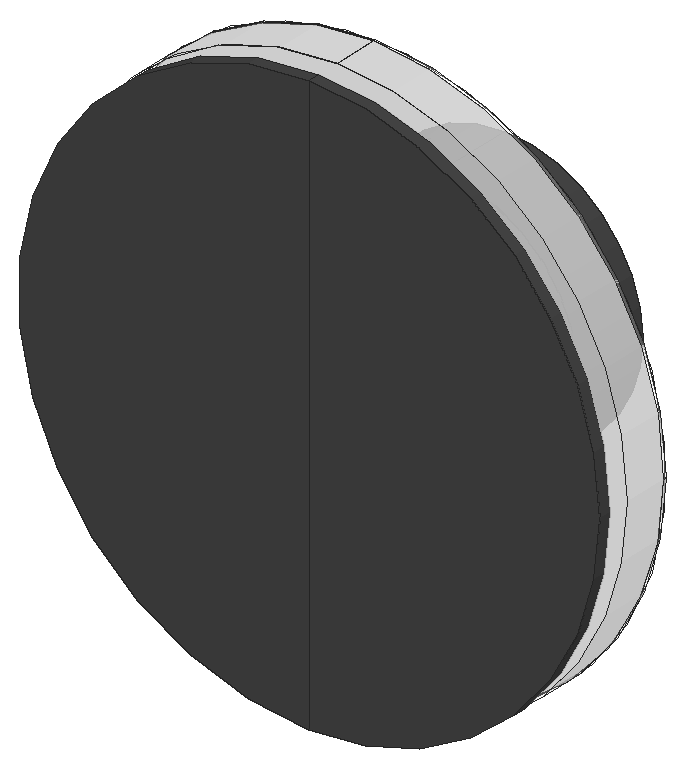
Revit family "CHIODO_Applique", category Apparecchi per illuminazione, Revit 2017
Family settings
  Quota connettore circolare = Usa diametro
  Tipo di parte = Normale
  Basato su piano di lavoro = No
  Sempre verticale = Sì
  Taglio con vuoti quando caricato = No
  Sorgente d'illuminazione = Sì
  Condiviso = No
  Punto di calcolo locali = No
Parameters (values of type "9402816_12.1W_LED_3000K")
  Wattage = 2.30911 W
  Part of body = PLK_Part of body
  Variazione temperatura colore lampada con luminosità attenuata = <Nessuno>
  URL = "www.platek.eu"
  built-in parameter 1150107 = 3000 (stored number, unit not read)
  Supply Voltage Min = 220 V
  Supply Voltage Max = 240 V
  Supply Voltage = 230 V
  Rendi la forma visibile nel rendering = no
  Produttore = "PLATEK SRL"  # constant formula
  Product Page URL = "http://www.platek.eu/ita/catalogo.php?catseaname=chiodo"
  Product Documentation Link = "http://www.platek.eu/ita/catalogo.php?catseaname=chiodo"
  Product Dimension = "D180mm x H90mm"
  Power Supply Unit = "Included"
  built-in parameter 1150110 = 1 (stored number, unit not read)
  built-in parameter 1150109 = 1 (stored number, unit not read)
  built-in parameter 1114218 = 1 (stored number, unit not read)
  built-in parameter 1150112 = 1 (stored number, unit not read)
  PLATEK Article Code = "9402816"
  Nota chiave = "Other LED colors available on request"
  Mounting Type = "Wall"
  Modello = "Chiodo Applique"  # constant formula
  built-in parameter 1150137 = (empty or 0)
  built-in parameter 1150132 = 2
  Manufacturer Comment = "IP68 connector included"
  Luminaire Wattage = 12.1 W
  Luminaire Luminous Intensity = 91 cd
  Luminaire Luminous Flux = 343 lm
  Light Source = PLK_Light Source
  Lampada = "LED"
  LED Protection = "Surge protection included"
  built-in parameter 1150105 = 90.857 (stored number, unit not read)
  built-in parameter 1150102 = (empty or 0)
  Insulation Class = "1"
  Immagine tipo = chiodo_applique.jpg
  built-in parameter 1150106 = 0.90857 (stored number, unit not read)
  IP Rating = "IP65"
  IK Rating = "IK 06"
  Frequency = "50/60 Hz"
  Lumens = 343 lm
  Color Filter = 16777215
  File diagramma fotometrico = "9402816.IES"
  built-in parameter 1114217 = 1 (stored number, unit not read)
  built-in parameter 1150139 = (empty or 0)
  Energy Efficiency Rating = "A/A+/A++"
  Emetti da diametro cerchio = 90.000 mm  # constant formula
  built-in parameter 1150104 = 13.8 (stored number, unit not read)
  built-in parameter 1150115 = 1 (stored number, unit not read)
  built-in parameter 1150114 = 1 (stored number, unit not read)
  built-in parameter 1150113 = 1 (stored number, unit not read)
  Dimmable = "No"
  Diffuse Type = "Polycarbonate"
  Descrizione = "Outdoor Lighting, Wall mounted"
  Commenti sul tipo = "Facades, Wall"
  Colour Temperature = 3000 K
  built-in parameter 1150134 = (empty or 0)
  built-in parameter 1150138 = (empty or 0)
  Assembly Code = "9402816.01(Black); 9402816.02(White); "
  Apparent Load = 0 VA
  Cable Lenght = "150mm"
  CRI = ">80"
  Body = PLK_Black
  Beam Angle = 121.00°
  Tilt Angle = 90.00°
  built-in parameter 1150133 = 10 (stored number, unit not read)
Reference planes
  plane 1 "Centro (Fronte/Retro)": y = 0
  plane 2: z = 0
  plane 3 "Centro (Sinistra/Destra)": x = 0
  plane 4: z = 180
  plane 5: z = 90
Forms (mm)
  Extrusion 1, solid, material "PLK_Part of body" <- "Part of body", detail levels medium+fine
    sketch origin (0, -65, 90) x (0, 0, -1) y (1, 0, 0)
      loop
        circle (0, 0) r 90
    from -15 to 0
  Revolve 2, solid, material "PLK_Black" <- "Body"
    sketch origin (0, 35, 90) x (0, 0, 1) y (0, -1, 0)
      loop
        line (0, 100) -> (0, 111) -> (-90, 111) -> (-90, 107) -> (-45, 103) -> (-45, 100) -> (0, 100)
      axis (0, 111) -> (0, 100)
    angle from 0 to 360
  Extrusion 3, solid, material "PLK_Light Source" <- "Light Source"
    sketch origin (0, -51, 90) x (0, 0, 1) y (1, 0, 0)
      loop
        circle (0, 0) r 90
    from 0 to 1
  Extrusion 4, solid, material "PLK_Black" <- "Body", detail levels coarse
    sketch origin (0.009, 0, -0.031) x (1, 0, 0) y (0, 0, 1)
      loop
        circle (-0.01, 90.031) r 90
    from 0 to 76
  Extrusion 5, solid, material "PLK_Black" <- "Body", detail levels medium
    sketch origin (0.009, -50, -0.031) x (1, 0, 0) y (0, 0, 1)
      loop
        circle (-0.01, 90.031) r 90
    from 0 to 26
Dimensions and locks
  plane 4 to level = 180.000 mm
  locked: plane 4 to plane 5 at 90
  locked: plane 5 to level at 90
  aligned and locked: level to plane 2
  aligned and locked: Extrusion 3 to Extrusion 1
  aligned and locked: Extrusion 1 to Revolve 2
  aligned and locked: Extrusion 4 to Revolve 2
  aligned and locked: Extrusion 4 to plane 1 "Centro (Fronte/Retro)"
  aligned and locked: imposter light to plane 5
  aligned and locked: imposter light to plane 1 "Centro (Fronte/Retro)"
Nested families
  nested 1: "CAPPELLO_Chiodo" at (0, -0.106, 0), type "CAPPELLO_Chiodo", detail levels medium+fine
Connectors
  electrical at (-0.001, 0, 90)
    settings: on Extrusion 4, index 1, voltage 0 V, apparent load 0 VA, apparent load phase1 0 VA, apparent load phase2 0 VA, apparent load phase3 0 VA, power factor 1, load classification "Altro", number of poles 1, system type 31, power factor state 1, is connector primary yes, connector utility no, sub classification motor no, connector description ""
Definition of nested family "CAPPELLO_Chiodo"
  Parameters (values of type "CAPPELLO_Chiodo")
    Manufacturer = "PLATEK SRL"  # constant formula
    Mat_Piatto = none
    Mat = none
    Body = none
  Reference planes
    plane 1 "Centro (Fronte/Retro)": y = 0
    plane 2: z = 0
    plane 3 "Centro (Sinistra/Destra)": x = 0
  Forms (mm)
    Revolve 1, solid, material <- "Body", detail levels medium+fine
      sketch origin (0, -149.894, -265.938) x (0, 1, 0) y (0, 0, 1)
        loop
          line (150, 398.441) -> (125, 398.441) -> (100.034, 383.461) -> (100.034, 355.941) -> (102.5, 355.941) -> (102.5, 382.025) -> (125.692, 395.941) -> (150, 395.941) -> (150, 398.441)
        axis (100.034, 355.941) -> (150, 355.941)
      angle from 0 to 360
  Dimensions and locks
    aligned and locked: level to plane 2
